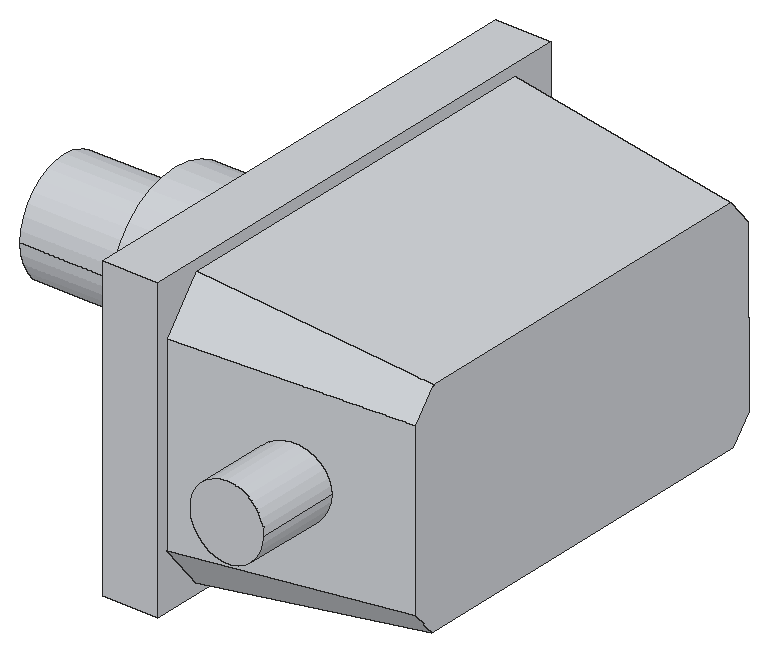
Revit family "fdaa4d99e9414a7e8811fe8c9c236373", category Pipe Accessories, Revit 2021
Family settings
  Round Connector Dimension = Use Radius
  Part Type = Sensor
  OmniClass Number = 23.85.30.21.11.17
  OmniClass Title = Other Components
  Seek Item ID = Flow Detector - Switch-0000-USA-ENU
  Work Plane-Based = No
  Always vertical = Yes
  Cut with Voids When Loaded = No
  Shared = No
Parameters (values of type "Standard")
  Switch Material = none
  Radius 1 = Nominal Radius * 1.5  # 0' - 0 3/4"
  Pipe Material = none
  Nominal Radius = 1/2"
  Nominal Diameter = Nominal Radius * 2  # 1"
  Default Elevation = 0' - 0"
Reference planes (in)
  plane 1 "Center (Front/Back)": y = 0
  plane 2: z = 0
  plane 3 "Center (Left/Right)": x = 0
  plane 4: x = 2.13
  plane 5: x = 4.69
  plane 6: y = 2.225
  plane 7: y = -2.225
  plane 8: x = 1.005
  plane 9: z = 1.36
  plane 10: z = -1.36
  plane 11: x = 2.63
  plane 12: x = 3.66
Forms (in)
  Extrusion 1, solid, material <- "Pipe Material", detail levels fine
    sketch origin (0, 0, 0) x (0, 1, 0) y (0, 0, 1)
      loop
        circle (0, 0) r 0.5
    from 0 to 1.005
  Extrusion 2, solid, material <- "Pipe Material", detail levels fine
    sketch origin (0, 0, 0) x (0, 1, 0) y (0, 0, 1)
      loop
        circle (0, 0) r 0.75
    from 1.005 to 2.13
  Blend 3, solid, material <- "Switch Material", detail levels fine
    base sketch origin (0, 0, 0) x (0, 1, 0) y (0, 0, 1)
      loop
        line (1.80133, 1.26625) -> (-1.80133, 1.26625) -> (-2.13125, 0.86101) -> (-2.13125, -0.86101) -> (-1.80133, -1.26625) -> (1.80133, -1.26625) -> (2.13125, -0.86101) -> (2.13125, 0.86101) -> (1.80133, 1.26625)
    top sketch origin (0, 0, 0) x (0, 1, 0) y (0, 0, 1)
      loop
        line (-1.70793, -0.985) -> (1.70793, -0.985) -> (1.88125, -0.77211) -> (1.88125, 0.77211) -> (1.68248, 1.01625) -> (-1.68248, 1.01625) -> (-1.88125, 0.77211) -> (-1.88125, -0.77211) -> (-1.70793, -0.985)
    from 2.63 to 4.69
  Extrusion 4, solid, material <- "Switch Material", detail levels fine
    sketch origin (0, 0, 0) x (0, 1, 0) y (0, 0, 1)
      loop
        line (2.225, 1.36) -> (-2.225, 1.36) -> (-2.225, -1.36) -> (2.225, -1.36) -> (2.225, 1.36)
    from 2.13 to 2.63
  Extrusion 5, solid, material <- "Switch Material", detail levels fine
    sketch origin (0, 0, 0) x (1, 0, 0) y (0, 0, 1)
      loop
        circle (3.66, 0) r 0.33333
    from 0 to 2.73178
Cuts and joins
  joined: Blend 3, Extrusion 5
Lines and regions (in)
  model lines, detail levels coarse+medium
    curve 1: line (1.005, 0.75, 0) -> (0, 0, 0)
    curve 2: line (0, 0, 0) -> (1.005, -0.75, 0)
    curve 3: line (1.005, -0.75, 0) -> (2.13, 0, 0)
    curve 4: line (2.13, 0, 0) -> (1.005, 0.75, 0)
    curve 5: line (2.13, 0, 0) -> (2.63, 0, 0)
    curve 6: circle (3.66, 0, 0) r 1.03 normal (0, 0, 1)
Dimensions and locks (in)
  locked: plane 3 "Center (Left/Right)" to plane 4 at 2.13
  locked: plane 4 to plane 5 at 2.56
  equal spacing: plane 7, plane 1 "Center (Front/Back)", plane 6
  locked: plane 7 to plane 6 at 4.45
  locked: plane 8 to plane 4 at 1.125
  equal spacing: plane 9, plane 2, plane 10
  locked: plane 9 to plane 10 at 2.72
  locked: plane 4 to plane 11 at 0.5
  equal spacing: plane 5, plane 12, plane 11
  locked: Extrusion 5 to plane 7 at 0.50678
  "Nominal Radius": radius of Extrusion 1 sketch curve
  "Radius 1": radius of Extrusion 2 sketch curve
  radius of Extrusion 5 sketch curve = 0' - 0.33333"
  radius of curve 6 = 0' - 1.03"
  aligned and locked: plane 2 to Extrusion 1 sketch curve
  aligned and locked: plane 1 "Center (Front/Back)" to Extrusion 1 sketch curve
  aligned and locked: Extrusion 1 to plane 3 "Center (Left/Right)"
  aligned and locked: plane 8 to Extrusion 1
  aligned and locked: plane 2 to Extrusion 2 sketch curve
  aligned and locked: plane 1 "Center (Front/Back)" to Extrusion 2 sketch curve
  aligned and locked: Extrusion 2 to plane 8
  aligned and locked: plane 4 to Extrusion 2
  aligned: Blend 3 to plane 4
  aligned and locked: plane 5 to Blend 3
  aligned and locked: plane 6 to Extrusion 4 sketch curve
  aligned and locked: plane 9 to Extrusion 4 sketch curve
  aligned and locked: plane 10 to Extrusion 4 sketch curve
  aligned and locked: Extrusion 4 sketch curve to plane 7
  aligned and locked: Blend 3 to plane 11
  aligned and locked: Extrusion 4 to plane 4
  aligned and locked: plane 11 to Extrusion 4
  aligned and locked: plane 2 to Extrusion 5 sketch curve
  aligned and locked: plane 12 to Extrusion 5 sketch curve
  aligned: Extrusion 5 to plane 7
  aligned and locked: Extrusion 5 to plane 1 "Center (Front/Back)"
  aligned and locked: plane 1 "Center (Front/Back)" to curve 6
  aligned and locked: plane 1 "Center (Front/Back)" to curve 5
  aligned and locked: plane 11 to curve 5
  aligned and locked: plane 4 to curve 5
  aligned and locked: plane 3 "Center (Left/Right)" to curve 2
  aligned and locked: plane 1 "Center (Front/Back)" to curve 2
  aligned and locked: plane 8 to curve 4
  aligned and locked: plane 8 to curve 3
Automatic sketch dimensions
  plane 6 to Blend 3 sketch curve = 0' - 0 3/32"
  plane 7 to Blend 3 sketch curve = 0' - 0.42367"
  plane 6 to Blend 3 sketch curve = 0' - 0.42367"
  Blend 3 sketch curve to Blend 3 sketch curve = 0' - 0.32992"  (x2)
  Blend 3 sketch curve to plane 10 = 0' - 0.49899"
  Blend 3 sketch curve to Blend 3 sketch curve = 0' - 0.40524"
  Blend 3 sketch curve to plane 9 = 0' - 0.49899"  (x2)
  Blend 3 sketch curve to plane 10 = 0' - 0 3/32"
  Blend 3 sketch curve to Blend 3 sketch curve = 0' - 0.02544"  (x2)
  plane 6 to Blend 3 sketch curve = 0' - 0.54252"
  Blend 3 sketch curve to plane 9 = 0' - 0 3/32"
  plane 7 to Blend 3 sketch curve = 0' - 0 3/32"
  level to Blend 3 sketch curve = 0' - 0.77211"  (x2)
  plane 7 to Blend 3 sketch curve = 0' - 0.54252"
  plane 7 to Blend 3 sketch curve = 0' - 0 11/32"
  Blend 3 sketch curve to level = 0' - 0.77211"  (x2)
  plane 6 to Blend 3 sketch curve = 0' - 0 11/32"
  Blend 3 sketch curve to plane 10 = 0' - 0 3/8"
  Blend 3 sketch curve to plane 9 = 0' - 0 11/32"
  plane 1 "Center (Front/Back)" to curve 3 = 0' - 0 3/4"
  curve 1 to plane 1 "Center (Front/Back)" = 0' - 0 3/4"
Connectors (in)
  piping at (0, 0, 0), diameter 1, driven by "Nominal Radius"
    settings: on Extrusion 1, index 1, connector inside diameter 1", connector length 0' - 0", flow factor 0, pipe flow 0 GPM, pressure drop 0.00 psi, fitting loss kfactor 0, connector angle 0.00°, fixture units 0, engagement length 0' - 0", angle of deflection 0.00°, flow configuration 0, flow direction 0, fitting loss method 0, system type 28, joint type 0, gender type 0, connector reference index -1, connector utility 0, adjustable connector no, is connector primary yes, connector description ""
  electrical at (3.66, -2.73178, 0)
    settings: on cut or joined group of Blend 3, Extrusion 5, index 2, voltage 0 V, apparent load 0 VA, apparent load phase1 0 VA, apparent load phase2 0 VA, apparent load phase3 0 VA, power factor 1, load classification "Other", number of poles 1, system type 11, power factor state 1, is connector primary yes, connector utility no, sub classification motor no, connector description ""
